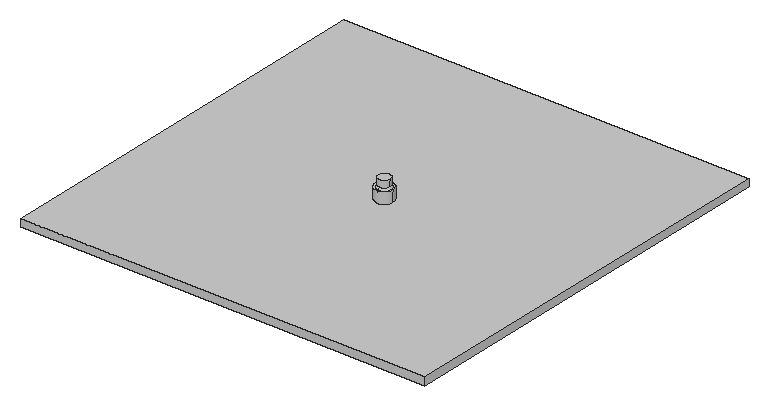
Revit family "SG0086523061CW", category Aparatos sanitarios, Revit 2019 (continued)
Forms (mm)
  Extrusion 281, solid, material "Bronce" <- "Bronce"
    sketch origin (350, -100, 2438.4) x (1, 0, 0) y (0, 1, 0)
      loop
        circle (-375, 375) r 0.896
    from -53.558 to -53.305
  Extrusion 282, solid, material "Bronce" <- "Bronce"
    sketch origin (336.097, -86.426, 2438.4) x (1, 0, 0) y (0, 1, 0)
      loop
        circle (-336.097, 361.426) r 1
    from -53.305 to -53
  Extrusion 283, solid, material "Bronce" <- "Bronce"
    sketch origin (375, -100, 2438.4) x (1, 0, 0) y (0, 1, 0)
      loop
        circle (-375, 375) r 0.896
    from -53.558 to -53.305
  Extrusion 284, solid, material "Bronce" <- "Bronce"
    sketch origin (361.097, -86.426, 2438.4) x (1, 0, 0) y (0, 1, 0)
      loop
        circle (-336.097, 361.426) r 1
    from -53.305 to -53
  Extrusion 285, solid, material "Bronce" <- "Bronce"
    sketch origin (400, -100, 2438.4) x (1, 0, 0) y (0, 1, 0)
      loop
        circle (-375, 375) r 0.896
    from -53.558 to -53.305
  Extrusion 286, solid, material "Bronce" <- "Bronce"
    sketch origin (386.097, -86.426, 2438.4) x (1, 0, 0) y (0, 1, 0)
      loop
        circle (-336.097, 361.426) r 1
    from -53.305 to -53
  Extrusion 287, solid, material "Bronce" <- "Bronce"
    sketch origin (425, -100, 2438.4) x (1, 0, 0) y (0, 1, 0)
      loop
        circle (-375, 375) r 0.896
    from -53.558 to -53.305
  Extrusion 288, solid, material "Bronce" <- "Bronce"
    sketch origin (411.097, -86.426, 2438.4) x (1, 0, 0) y (0, 1, 0)
      loop
        circle (-336.097, 361.426) r 1
    from -53.305 to -53
  Extrusion 289, solid, material "Bronce" <- "Bronce"
    sketch origin (450, -100, 2438.4) x (1, 0, 0) y (0, 1, 0)
      loop
        circle (-375, 375) r 0.896
    from -53.558 to -53.305
  Extrusion 290, solid, material "Bronce" <- "Bronce"
    sketch origin (436.097, -86.426, 2438.4) x (1, 0, 0) y (0, 1, 0)
      loop
        circle (-336.097, 361.426) r 1
    from -53.305 to -53
  Extrusion 291, solid, material "Bronce" <- "Bronce"
    sketch origin (475, -100, 2438.4) x (1, 0, 0) y (0, 1, 0)
      loop
        circle (-375, 375) r 0.896
    from -53.558 to -53.305
  Extrusion 292, solid, material "Bronce" <- "Bronce"
    sketch origin (461.097, -86.426, 2438.4) x (1, 0, 0) y (0, 1, 0)
      loop
        circle (-336.097, 361.426) r 1
    from -53.305 to -53
  Extrusion 293, solid, material "Bronce" <- "Bronce"
    sketch origin (500, -100, 2438.4) x (1, 0, 0) y (0, 1, 0)
      loop
        circle (-375, 375) r 0.896
    from -53.558 to -53.305
  Extrusion 294, solid, material "Bronce" <- "Bronce"
    sketch origin (486.097, -86.426, 2438.4) x (1, 0, 0) y (0, 1, 0)
      loop
        circle (-336.097, 361.426) r 1
    from -53.305 to -53
  Extrusion 295, solid, material "Bronce" <- "Bronce"
    sketch origin (525, -100, 2438.4) x (1, 0, 0) y (0, 1, 0)
      loop
        circle (-375, 375) r 0.896
    from -53.558 to -53.305
  Extrusion 296, solid, material "Bronce" <- "Bronce"
    sketch origin (511.097, -86.426, 2438.4) x (1, 0, 0) y (0, 1, 0)
      loop
        circle (-336.097, 361.426) r 1
    from -53.305 to -53
  Extrusion 297, solid, material "Bronce" <- "Bronce"
    sketch origin (550, -100, 2438.4) x (1, 0, 0) y (0, 1, 0)
      loop
        circle (-375, 375) r 0.896
    from -53.558 to -53.305
  Extrusion 298, solid, material "Bronce" <- "Bronce"
    sketch origin (536.097, -86.426, 2438.4) x (1, 0, 0) y (0, 1, 0)
      loop
        circle (-336.097, 361.426) r 1
    from -53.305 to -53
  Extrusion 299, solid, material "Bronce" <- "Bronce"
    sketch origin (575, -100, 2438.4) x (1, 0, 0) y (0, 1, 0)
      loop
        circle (-375, 375) r 0.896
    from -53.558 to -53.305
  Extrusion 300, solid, material "Bronce" <- "Bronce"
    sketch origin (561.097, -86.426, 2438.4) x (1, 0, 0) y (0, 1, 0)
      loop
        circle (-336.097, 361.426) r 1
    from -53.305 to -53
  Extrusion 301, solid, material "Bronce" <- "Bronce"
    sketch origin (600, -100, 2438.4) x (1, 0, 0) y (0, 1, 0)
      loop
        circle (-375, 375) r 0.896
    from -53.558 to -53.305
  Extrusion 302, solid, material "Bronce" <- "Bronce"
    sketch origin (586.097, -86.426, 2438.4) x (1, 0, 0) y (0, 1, 0)
      loop
        circle (-336.097, 361.426) r 1
    from -53.305 to -53
  Extrusion 303, solid, material "Bronce" <- "Bronce"
    sketch origin (625, -100, 2438.4) x (1, 0, 0) y (0, 1, 0)
      loop
        circle (-375, 375) r 0.896
    from -53.558 to -53.305
  Extrusion 304, solid, material "Bronce" <- "Bronce"
    sketch origin (611.097, -86.426, 2438.4) x (1, 0, 0) y (0, 1, 0)
      loop
        circle (-336.097, 361.426) r 1
    from -53.305 to -53
  Extrusion 305, solid, material "Bronce" <- "Bronce"
    sketch origin (650, -100, 2438.4) x (1, 0, 0) y (0, 1, 0)
      loop
        circle (-375, 375) r 0.896
    from -53.558 to -53.305
  Extrusion 306, solid, material "Bronce" <- "Bronce"
    sketch origin (636.097, -86.426, 2438.4) x (1, 0, 0) y (0, 1, 0)
      loop
        circle (-336.097, 361.426) r 1
    from -53.305 to -53
  Extrusion 307, solid, material "Bronce" <- "Bronce"
    sketch origin (675, -100, 2438.4) x (1, 0, 0) y (0, 1, 0)
      loop
        circle (-375, 375) r 0.896
    from -53.558 to -53.305
  Extrusion 308, solid, material "Bronce" <- "Bronce"
    sketch origin (661.097, -86.426, 2438.4) x (1, 0, 0) y (0, 1, 0)
      loop
        circle (-336.097, 361.426) r 1
    from -53.305 to -53
  Extrusion 309, solid, material "Bronce" <- "Bronce"
    sketch origin (700, -100, 2438.4) x (1, 0, 0) y (0, 1, 0)
      loop
        circle (-375, 375) r 0.896
    from -53.558 to -53.305
  Extrusion 310, solid, material "Bronce" <- "Bronce"
    sketch origin (686.097, -86.426, 2438.4) x (1, 0, 0) y (0, 1, 0)
      loop
        circle (-336.097, 361.426) r 1
    from -53.305 to -53
  Extrusion 311, solid, material "Bronce" <- "Bronce"
    sketch origin (725, -100, 2438.4) x (1, 0, 0) y (0, 1, 0)
      loop
        circle (-375, 375) r 0.896
    from -53.558 to -53.305
  Extrusion 312, solid, material "Bronce" <- "Bronce"
    sketch origin (711.097, -86.426, 2438.4) x (1, 0, 0) y (0, 1, 0)
      loop
        circle (-336.097, 361.426) r 1
    from -53.305 to -53
  Extrusion 313, solid, material "Bronce" <- "Bronce"
    sketch origin (750, -100, 2438.4) x (1, 0, 0) y (0, 1, 0)
      loop
        circle (-375, 375) r 0.896
    from -53.558 to -53.305
  Extrusion 314, solid, material "Bronce" <- "Bronce"
    sketch origin (-38.903, -111.426, 2438.4) x (1, 0, 0) y (0, 1, 0)
      loop
        circle (-336.097, 361.426) r 1
    from -53.305 to -53
  Extrusion 315, solid, material "Bronce" <- "Bronce"
    sketch origin (0, -125, 2438.4) x (1, 0, 0) y (0, 1, 0)
      loop
        circle (-375, 375) r 0.896
    from -53.558 to -53.305
  Extrusion 316, solid, material "Bronce" <- "Bronce"
    sketch origin (-13.903, -111.426, 2438.4) x (1, 0, 0) y (0, 1, 0)
      loop
        circle (-336.097, 361.426) r 1
    from -53.305 to -53
  Extrusion 317, solid, material "Bronce" <- "Bronce"
    sketch origin (25, -125, 2438.4) x (1, 0, 0) y (0, 1, 0)
      loop
        circle (-375, 375) r 0.896
    from -53.558 to -53.305
  Extrusion 318, solid, material "Bronce" <- "Bronce"
    sketch origin (11.097, -111.426, 2438.4) x (1, 0, 0) y (0, 1, 0)
      loop
        circle (-336.097, 361.426) r 1
    from -53.305 to -53
  Extrusion 319, solid, material "Bronce" <- "Bronce"
    sketch origin (50, -125, 2438.4) x (1, 0, 0) y (0, 1, 0)
      loop
        circle (-375, 375) r 0.896
    from -53.558 to -53.305
  Extrusion 320, solid, material "Bronce" <- "Bronce"
    sketch origin (36.097, -111.426, 2438.4) x (1, 0, 0) y (0, 1, 0)
      loop
        circle (-336.097, 361.426) r 1
    from -53.305 to -53
  Extrusion 321, solid, material "Bronce" <- "Bronce"
    sketch origin (75, -125, 2438.4) x (1, 0, 0) y (0, 1, 0)
      loop
        circle (-375, 375) r 0.896
    from -53.558 to -53.305
  Extrusion 322, solid, material "Bronce" <- "Bronce"
    sketch origin (61.097, -111.426, 2438.4) x (1, 0, 0) y (0, 1, 0)
      loop
        circle (-336.097, 361.426) r 1
    from -53.305 to -53
  Extrusion 323, solid, material "Bronce" <- "Bronce"
    sketch origin (100, -125, 2438.4) x (1, 0, 0) y (0, 1, 0)
      loop
        circle (-375, 375) r 0.896
    from -53.558 to -53.305
  Extrusion 324, solid, material "Bronce" <- "Bronce"
    sketch origin (86.097, -111.426, 2438.4) x (1, 0, 0) y (0, 1, 0)
      loop
        circle (-336.097, 361.426) r 1
    from -53.305 to -53
  Extrusion 325, solid, material "Bronce" <- "Bronce"
    sketch origin (125, -125, 2438.4) x (1, 0, 0) y (0, 1, 0)
      loop
        circle (-375, 375) r 0.896
    from -53.558 to -53.305
  Extrusion 326, solid, material "Bronce" <- "Bronce"
    sketch origin (111.097, -111.426, 2438.4) x (1, 0, 0) y (0, 1, 0)
      loop
        circle (-336.097, 361.426) r 1
    from -53.305 to -53
  Extrusion 327, solid, material "Bronce" <- "Bronce"
    sketch origin (150, -125, 2438.4) x (1, 0, 0) y (0, 1, 0)
      loop
        circle (-375, 375) r 0.896
    from -53.558 to -53.305
  Extrusion 328, solid, material "Bronce" <- "Bronce"
    sketch origin (136.097, -111.426, 2438.4) x (1, 0, 0) y (0, 1, 0)
      loop
        circle (-336.097, 361.426) r 1
    from -53.305 to -53
  Extrusion 329, solid, material "Bronce" <- "Bronce"
    sketch origin (175, -125, 2438.4) x (1, 0, 0) y (0, 1, 0)
      loop
        circle (-375, 375) r 0.896
    from -53.558 to -53.305
  Extrusion 330, solid, material "Bronce" <- "Bronce"
    sketch origin (161.097, -111.426, 2438.4) x (1, 0, 0) y (0, 1, 0)
      loop
        circle (-336.097, 361.426) r 1
    from -53.305 to -53
  Extrusion 331, solid, material "Bronce" <- "Bronce"
    sketch origin (200, -125, 2438.4) x (1, 0, 0) y (0, 1, 0)
      loop
        circle (-375, 375) r 0.896
    from -53.558 to -53.305
  Extrusion 332, solid, material "Bronce" <- "Bronce"
    sketch origin (186.097, -111.426, 2438.4) x (1, 0, 0) y (0, 1, 0)
      loop
        circle (-336.097, 361.426) r 1
    from -53.305 to -53
  Extrusion 333, solid, material "Bronce" <- "Bronce"
    sketch origin (225, -125, 2438.4) x (1, 0, 0) y (0, 1, 0)
      loop
        circle (-375, 375) r 0.896
    from -53.558 to -53.305
  Extrusion 334, solid, material "Bronce" <- "Bronce"
    sketch origin (211.097, -111.426, 2438.4) x (1, 0, 0) y (0, 1, 0)
      loop
        circle (-336.097, 361.426) r 1
    from -53.305 to -53
  Extrusion 335, solid, material "Bronce" <- "Bronce"
    sketch origin (250, -125, 2438.4) x (1, 0, 0) y (0, 1, 0)
      loop
        circle (-375, 375) r 0.896
    from -53.558 to -53.305
  Extrusion 336, solid, material "Bronce" <- "Bronce"
    sketch origin (236.097, -111.426, 2438.4) x (1, 0, 0) y (0, 1, 0)
      loop
        circle (-336.097, 361.426) r 1
    from -53.305 to -53
  Extrusion 337, solid, material "Bronce" <- "Bronce"
    sketch origin (275, -125, 2438.4) x (1, 0, 0) y (0, 1, 0)
      loop
        circle (-375, 375) r 0.896
    from -53.558 to -53.305
  Extrusion 338, solid, material "Bronce" <- "Bronce"
    sketch origin (261.097, -111.426, 2438.4) x (1, 0, 0) y (0, 1, 0)
      loop
        circle (-336.097, 361.426) r 1
    from -53.305 to -53
  Extrusion 339, solid, material "Bronce" <- "Bronce"
    sketch origin (300, -125, 2438.4) x (1, 0, 0) y (0, 1, 0)
      loop
        circle (-375, 375) r 0.896
    from -53.558 to -53.305
  Extrusion 340, solid, material "Bronce" <- "Bronce"
    sketch origin (286.097, -111.426, 2438.4) x (1, 0, 0) y (0, 1, 0)
      loop
        circle (-336.097, 361.426) r 1
    from -53.305 to -53
  Extrusion 341, solid, material "Bronce" <- "Bronce"
    sketch origin (325, -125, 2438.4) x (1, 0, 0) y (0, 1, 0)
      loop
        circle (-375, 375) r 0.896
    from -53.558 to -53.305
  Extrusion 342, solid, material "Bronce" <- "Bronce"
    sketch origin (311.097, -111.426, 2438.4) x (1, 0, 0) y (0, 1, 0)
      loop
        circle (-336.097, 361.426) r 1
    from -53.305 to -53
  Extrusion 343, solid, material "Bronce" <- "Bronce"
    sketch origin (350, -125, 2438.4) x (1, 0, 0) y (0, 1, 0)
      loop
        circle (-375, 375) r 0.896
    from -53.558 to -53.305
  Extrusion 344, solid, material "Bronce" <- "Bronce"
    sketch origin (336.097, -111.426, 2438.4) x (1, 0, 0) y (0, 1, 0)
      loop
        circle (-336.097, 361.426) r 1
    from -53.305 to -53
  Extrusion 345, solid, material "Bronce" <- "Bronce"
    sketch origin (375, -125, 2438.4) x (1, 0, 0) y (0, 1, 0)
      loop
        circle (-375, 375) r 0.896
    from -53.558 to -53.305
  Extrusion 346, solid, material "Bronce" <- "Bronce"
    sketch origin (361.097, -111.426, 2438.4) x (1, 0, 0) y (0, 1, 0)
      loop
        circle (-336.097, 361.426) r 1
    from -53.305 to -53
  Extrusion 347, solid, material "Bronce" <- "Bronce"
    sketch origin (400, -125, 2438.4) x (1, 0, 0) y (0, 1, 0)
      loop
        circle (-375, 375) r 0.896
    from -53.558 to -53.305
  Extrusion 348, solid, material "Bronce" <- "Bronce"
    sketch origin (386.097, -111.426, 2438.4) x (1, 0, 0) y (0, 1, 0)
      loop
        circle (-336.097, 361.426) r 1
    from -53.305 to -53
  Extrusion 349, solid, material "Bronce" <- "Bronce"
    sketch origin (425, -125, 2438.4) x (1, 0, 0) y (0, 1, 0)
      loop
        circle (-375, 375) r 0.896
    from -53.558 to -53.305
  Extrusion 350, solid, material "Bronce" <- "Bronce"
    sketch origin (411.097, -111.426, 2438.4) x (1, 0, 0) y (0, 1, 0)
      loop
        circle (-336.097, 361.426) r 1
    from -53.305 to -53
  Extrusion 351, solid, material "Bronce" <- "Bronce"
    sketch origin (450, -125, 2438.4) x (1, 0, 0) y (0, 1, 0)
      loop
        circle (-375, 375) r 0.896
    from -53.558 to -53.305
  Extrusion 352, solid, material "Bronce" <- "Bronce"
    sketch origin (436.097, -111.426, 2438.4) x (1, 0, 0) y (0, 1, 0)
      loop
        circle (-336.097, 361.426) r 1
    from -53.305 to -53
  Extrusion 353, solid, material "Bronce" <- "Bronce"
    sketch origin (475, -125, 2438.4) x (1, 0, 0) y (0, 1, 0)
      loop
        circle (-375, 375) r 0.896
    from -53.558 to -53.305
  Extrusion 354, solid, material "Bronce" <- "Bronce"
    sketch origin (461.097, -111.426, 2438.4) x (1, 0, 0) y (0, 1, 0)
      loop
        circle (-336.097, 361.426) r 1
    from -53.305 to -53
  Extrusion 355, solid, material "Bronce" <- "Bronce"
    sketch origin (500, -125, 2438.4) x (1, 0, 0) y (0, 1, 0)
      loop
        circle (-375, 375) r 0.896
    from -53.558 to -53.305
  Extrusion 356, solid, material "Bronce" <- "Bronce"
    sketch origin (486.097, -111.426, 2438.4) x (1, 0, 0) y (0, 1, 0)
      loop
        circle (-336.097, 361.426) r 1
    from -53.305 to -53
  Extrusion 357, solid, material "Bronce" <- "Bronce"
    sketch origin (525, -125, 2438.4) x (1, 0, 0) y (0, 1, 0)
      loop
        circle (-375, 375) r 0.896
    from -53.558 to -53.305
  Extrusion 358, solid, material "Bronce" <- "Bronce"
    sketch origin (511.097, -111.426, 2438.4) x (1, 0, 0) y (0, 1, 0)
      loop
        circle (-336.097, 361.426) r 1
    from -53.305 to -53
  Extrusion 359, solid, material "Bronce" <- "Bronce"
    sketch origin (550, -125, 2438.4) x (1, 0, 0) y (0, 1, 0)
      loop
        circle (-375, 375) r 0.896
    from -53.558 to -53.305
  Extrusion 360, solid, material "Bronce" <- "Bronce"
    sketch origin (536.097, -111.426, 2438.4) x (1, 0, 0) y (0, 1, 0)
      loop
        circle (-336.097, 361.426) r 1
    from -53.305 to -53
  Extrusion 361, solid, material "Bronce" <- "Bronce"
    sketch origin (575, -125, 2438.4) x (1, 0, 0) y (0, 1, 0)
      loop
        circle (-375, 375) r 0.896
    from -53.558 to -53.305
  Extrusion 362, solid, material "Bronce" <- "Bronce"
    sketch origin (561.097, -111.426, 2438.4) x (1, 0, 0) y (0, 1, 0)
      loop
        circle (-336.097, 361.426) r 1
    from -53.305 to -53
  Extrusion 363, solid, material "Bronce" <- "Bronce"
    sketch origin (600, -125, 2438.4) x (1, 0, 0) y (0, 1, 0)
      loop
        circle (-375, 375) r 0.896
    from -53.558 to -53.305
  Extrusion 364, solid, material "Bronce" <- "Bronce"
    sketch origin (586.097, -111.426, 2438.4) x (1, 0, 0) y (0, 1, 0)
      loop
        circle (-336.097, 361.426) r 1
    from -53.305 to -53
  Extrusion 365, solid, material "Bronce" <- "Bronce"
    sketch origin (625, -125, 2438.4) x (1, 0, 0) y (0, 1, 0)
      loop
        circle (-375, 375) r 0.896
    from -53.558 to -53.305
  Extrusion 366, solid, material "Bronce" <- "Bronce"
    sketch origin (611.097, -111.426, 2438.4) x (1, 0, 0) y (0, 1, 0)
      loop
        circle (-336.097, 361.426) r 1
    from -53.305 to -53
  Extrusion 367, solid, material "Bronce" <- "Bronce"
    sketch origin (650, -125, 2438.4) x (1, 0, 0) y (0, 1, 0)
      loop
        circle (-375, 375) r 0.896
    from -53.558 to -53.305
  Extrusion 368, solid, material "Bronce" <- "Bronce"
    sketch origin (636.097, -111.426, 2438.4) x (1, 0, 0) y (0, 1, 0)
      loop
        circle (-336.097, 361.426) r 1
    from -53.305 to -53
  Extrusion 369, solid, material "Bronce" <- "Bronce"
    sketch origin (675, -125, 2438.4) x (1, 0, 0) y (0, 1, 0)
      loop
        circle (-375, 375) r 0.896
    from -53.558 to -53.305
  Extrusion 370, solid, material "Bronce" <- "Bronce"
    sketch origin (661.097, -111.426, 2438.4) x (1, 0, 0) y (0, 1, 0)
      loop
        circle (-336.097, 361.426) r 1
    from -53.305 to -53
  Extrusion 371, solid, material "Bronce" <- "Bronce"
    sketch origin (700, -125, 2438.4) x (1, 0, 0) y (0, 1, 0)
      loop
        circle (-375, 375) r 0.896
    from -53.558 to -53.305
  Extrusion 372, solid, material "Bronce" <- "Bronce"
    sketch origin (686.097, -111.426, 2438.4) x (1, 0, 0) y (0, 1, 0)
      loop
        circle (-336.097, 361.426) r 1
    from -53.305 to -53
  Extrusion 373, solid, material "Bronce" <- "Bronce"
    sketch origin (725, -125, 2438.4) x (1, 0, 0) y (0, 1, 0)
      loop
        circle (-375, 375) r 0.896
    from -53.558 to -53.305
  Extrusion 374, solid, material "Bronce" <- "Bronce"
    sketch origin (711.097, -111.426, 2438.4) x (1, 0, 0) y (0, 1, 0)
      loop
        circle (-336.097, 361.426) r 1
    from -53.305 to -53
  Extrusion 375, solid, material "Bronce" <- "Bronce"
    sketch origin (750, -125, 2438.4) x (1, 0, 0) y (0, 1, 0)
      loop
        circle (-375, 375) r 0.896
    from -53.558 to -53.305
  Extrusion 376, solid, material "Bronce" <- "Bronce"
    sketch origin (-38.903, -136.426, 2438.4) x (1, 0, 0) y (0, 1, 0)
      loop
        circle (-336.097, 361.426) r 1
    from -53.305 to -53
  Extrusion 377, solid, material "Bronce" <- "Bronce"
    sketch origin (0, -150, 2438.4) x (1, 0, 0) y (0, 1, 0)
      loop
        circle (-375, 375) r 0.896
    from -53.558 to -53.305
  Extrusion 378, solid, material "Bronce" <- "Bronce"
    sketch origin (-13.903, -136.426, 2438.4) x (1, 0, 0) y (0, 1, 0)
      loop
        circle (-336.097, 361.426) r 1
    from -53.305 to -53
  Extrusion 379, solid, material "Bronce" <- "Bronce"
    sketch origin (25, -150, 2438.4) x (1, 0, 0) y (0, 1, 0)
      loop
        circle (-375, 375) r 0.896
    from -53.558 to -53.305
  Extrusion 380, solid, material "Bronce" <- "Bronce"
    sketch origin (11.097, -136.426, 2438.4) x (1, 0, 0) y (0, 1, 0)
      loop
        circle (-336.097, 361.426) r 1
    from -53.305 to -53
  Extrusion 381, solid, material "Bronce" <- "Bronce"
    sketch origin (50, -150, 2438.4) x (1, 0, 0) y (0, 1, 0)
      loop
        circle (-375, 375) r 0.896
    from -53.558 to -53.305
  Extrusion 382, solid, material "Bronce" <- "Bronce"
    sketch origin (36.097, -136.426, 2438.4) x (1, 0, 0) y (0, 1, 0)
      loop
        circle (-336.097, 361.426) r 1
    from -53.305 to -53
  Extrusion 383, solid, material "Bronce" <- "Bronce"
    sketch origin (75, -150, 2438.4) x (1, 0, 0) y (0, 1, 0)
      loop
        circle (-375, 375) r 0.896
    from -53.558 to -53.305
  Extrusion 384, solid, material "Bronce" <- "Bronce"
    sketch origin (61.097, -136.426, 2438.4) x (1, 0, 0) y (0, 1, 0)
      loop
        circle (-336.097, 361.426) r 1
    from -53.305 to -53
  Extrusion 385, solid, material "Bronce" <- "Bronce"
    sketch origin (100, -150, 2438.4) x (1, 0, 0) y (0, 1, 0)
      loop
        circle (-375, 375) r 0.896
    from -53.558 to -53.305
  Extrusion 386, solid, material "Bronce" <- "Bronce"
    sketch origin (86.097, -136.426, 2438.4) x (1, 0, 0) y (0, 1, 0)
      loop
        circle (-336.097, 361.426) r 1
    from -53.305 to -53
  Extrusion 387, solid, material "Bronce" <- "Bronce"
    sketch origin (125, -150, 2438.4) x (1, 0, 0) y (0, 1, 0)
      loop
        circle (-375, 375) r 0.896
    from -53.558 to -53.305
  Extrusion 388, solid, material "Bronce" <- "Bronce"
    sketch origin (111.097, -136.426, 2438.4) x (1, 0, 0) y (0, 1, 0)
      loop
        circle (-336.097, 361.426) r 1
    from -53.305 to -53
  Extrusion 389, solid, material "Bronce" <- "Bronce"
    sketch origin (150, -150, 2438.4) x (1, 0, 0) y (0, 1, 0)
      loop
        circle (-375, 375) r 0.896
    from -53.558 to -53.305
  Extrusion 390, solid, material "Bronce" <- "Bronce"
    sketch origin (136.097, -136.426, 2438.4) x (1, 0, 0) y (0, 1, 0)
      loop
        circle (-336.097, 361.426) r 1
    from -53.305 to -53
  Extrusion 391, solid, material "Bronce" <- "Bronce"
    sketch origin (175, -150, 2438.4) x (1, 0, 0) y (0, 1, 0)
      loop
        circle (-375, 375) r 0.896
    from -53.558 to -53.305
  Extrusion 392, solid, material "Bronce" <- "Bronce"
    sketch origin (161.097, -136.426, 2438.4) x (1, 0, 0) y (0, 1, 0)
      loop
        circle (-336.097, 361.426) r 1
    from -53.305 to -53
  Extrusion 393, solid, material "Bronce" <- "Bronce"
    sketch origin (200, -150, 2438.4) x (1, 0, 0) y (0, 1, 0)
      loop
        circle (-375, 375) r 0.896
    from -53.558 to -53.305
  Extrusion 394, solid, material "Bronce" <- "Bronce"
    sketch origin (186.097, -136.426, 2438.4) x (1, 0, 0) y (0, 1, 0)
      loop
        circle (-336.097, 361.426) r 1
    from -53.305 to -53
  Extrusion 395, solid, material "Bronce" <- "Bronce"
    sketch origin (225, -150, 2438.4) x (1, 0, 0) y (0, 1, 0)
      loop
        circle (-375, 375) r 0.896
    from -53.558 to -53.305
  Extrusion 396, solid, material "Bronce" <- "Bronce"
    sketch origin (211.097, -136.426, 2438.4) x (1, 0, 0) y (0, 1, 0)
      loop
        circle (-336.097, 361.426) r 1
    from -53.305 to -53
  Extrusion 397, solid, material "Bronce" <- "Bronce"
    sketch origin (250, -150, 2438.4) x (1, 0, 0) y (0, 1, 0)
      loop
        circle (-375, 375) r 0.896
    from -53.558 to -53.305
  Extrusion 398, solid, material "Bronce" <- "Bronce"
    sketch origin (236.097, -136.426, 2438.4) x (1, 0, 0) y (0, 1, 0)
      loop
        circle (-336.097, 361.426) r 1
    from -53.305 to -53
  Extrusion 399, solid, material "Bronce" <- "Bronce"
    sketch origin (275, -150, 2438.4) x (1, 0, 0) y (0, 1, 0)
      loop
        circle (-375, 375) r 0.896
    from -53.558 to -53.305
  Extrusion 400, solid, material "Bronce" <- "Bronce"
    sketch origin (261.097, -136.426, 2438.4) x (1, 0, 0) y (0, 1, 0)
      loop
        circle (-336.097, 361.426) r 1
    from -53.305 to -53
  Extrusion 401, solid, material "Bronce" <- "Bronce"
    sketch origin (300, -150, 2438.4) x (1, 0, 0) y (0, 1, 0)
      loop
        circle (-375, 375) r 0.896
    from -53.558 to -53.305
  Extrusion 402, solid, material "Bronce" <- "Bronce"
    sketch origin (286.097, -136.426, 2438.4) x (1, 0, 0) y (0, 1, 0)
      loop
        circle (-336.097, 361.426) r 1
    from -53.305 to -53
  Extrusion 403, solid, material "Bronce" <- "Bronce"
    sketch origin (325, -150, 2438.4) x (1, 0, 0) y (0, 1, 0)
      loop
        circle (-375, 375) r 0.896
    from -53.558 to -53.305
  Extrusion 404, solid, material "Bronce" <- "Bronce"
    sketch origin (311.097, -136.426, 2438.4) x (1, 0, 0) y (0, 1, 0)
      loop
        circle (-336.097, 361.426) r 1
    from -53.305 to -53
  Extrusion 405, solid, material "Bronce" <- "Bronce"
    sketch origin (350, -150, 2438.4) x (1, 0, 0) y (0, 1, 0)
      loop
        circle (-375, 375) r 0.896
    from -53.558 to -53.305
  Extrusion 406, solid, material "Bronce" <- "Bronce"
    sketch origin (336.097, -136.426, 2438.4) x (1, 0, 0) y (0, 1, 0)
      loop
        circle (-336.097, 361.426) r 1
    from -53.305 to -53
  Extrusion 407, solid, material "Bronce" <- "Bronce"
    sketch origin (375, -150, 2438.4) x (1, 0, 0) y (0, 1, 0)
      loop
        circle (-375, 375) r 0.896
    from -53.558 to -53.305
  Extrusion 408, solid, material "Bronce" <- "Bronce"
    sketch origin (361.097, -136.426, 2438.4) x (1, 0, 0) y (0, 1, 0)
      loop
        circle (-336.097, 361.426) r 1
    from -53.305 to -53
  Extrusion 409, solid, material "Bronce" <- "Bronce"
    sketch origin (400, -150, 2438.4) x (1, 0, 0) y (0, 1, 0)
      loop
        circle (-375, 375) r 0.896
    from -53.558 to -53.305
  Extrusion 410, solid, material "Bronce" <- "Bronce"
    sketch origin (386.097, -136.426, 2438.4) x (1, 0, 0) y (0, 1, 0)
      loop
        circle (-336.097, 361.426) r 1
    from -53.305 to -53
  Extrusion 411, solid, material "Bronce" <- "Bronce"
    sketch origin (425, -150, 2438.4) x (1, 0, 0) y (0, 1, 0)
      loop
        circle (-375, 375) r 0.896
    from -53.558 to -53.305
  Extrusion 412, solid, material "Bronce" <- "Bronce"
    sketch origin (411.097, -136.426, 2438.4) x (1, 0, 0) y (0, 1, 0)
      loop
        circle (-336.097, 361.426) r 1
    from -53.305 to -53
  Extrusion 413, solid, material "Bronce" <- "Bronce"
    sketch origin (450, -150, 2438.4) x (1, 0, 0) y (0, 1, 0)
      loop
        circle (-375, 375) r 0.896
    from -53.558 to -53.305
  Extrusion 414, solid, material "Bronce" <- "Bronce"
    sketch origin (436.097, -136.426, 2438.4) x (1, 0, 0) y (0, 1, 0)
      loop
        circle (-336.097, 361.426) r 1
    from -53.305 to -53
  Extrusion 415, solid, material "Bronce" <- "Bronce"
    sketch origin (475, -150, 2438.4) x (1, 0, 0) y (0, 1, 0)
      loop
        circle (-375, 375) r 0.896
    from -53.558 to -53.305
  Extrusion 416, solid, material "Bronce" <- "Bronce"
    sketch origin (461.097, -136.426, 2438.4) x (1, 0, 0) y (0, 1, 0)
      loop
        circle (-336.097, 361.426) r 1
    from -53.305 to -53
  Extrusion 417, solid, material "Bronce" <- "Bronce"
    sketch origin (500, -150, 2438.4) x (1, 0, 0) y (0, 1, 0)
      loop
        circle (-375, 375) r 0.896
    from -53.558 to -53.305
  Extrusion 418, solid, material "Bronce" <- "Bronce"
    sketch origin (486.097, -136.426, 2438.4) x (1, 0, 0) y (0, 1, 0)
      loop
        circle (-336.097, 361.426) r 1
    from -53.305 to -53
  Extrusion 419, solid, material "Bronce" <- "Bronce"
    sketch origin (525, -150, 2438.4) x (1, 0, 0) y (0, 1, 0)
      loop
        circle (-375, 375) r 0.896
    from -53.558 to -53.305
  Extrusion 420, solid, material "Bronce" <- "Bronce"
    sketch origin (511.097, -136.426, 2438.4) x (1, 0, 0) y (0, 1, 0)
      loop
        circle (-336.097, 361.426) r 1
    from -53.305 to -53
  Extrusion 421, solid, material "Bronce" <- "Bronce"
    sketch origin (550, -150, 2438.4) x (1, 0, 0) y (0, 1, 0)
      loop
        circle (-375, 375) r 0.896
    from -53.558 to -53.305
  Extrusion 422, solid, material "Bronce" <- "Bronce"
    sketch origin (536.097, -136.426, 2438.4) x (1, 0, 0) y (0, 1, 0)
      loop
        circle (-336.097, 361.426) r 1
    from -53.305 to -53
  Extrusion 423, solid, material "Bronce" <- "Bronce"
    sketch origin (575, -150, 2438.4) x (1, 0, 0) y (0, 1, 0)
      loop
        circle (-375, 375) r 0.896
    from -53.558 to -53.305
  Extrusion 424, solid, material "Bronce" <- "Bronce"
    sketch origin (561.097, -136.426, 2438.4) x (1, 0, 0) y (0, 1, 0)
      loop
        circle (-336.097, 361.426) r 1
    from -53.305 to -53
  Extrusion 425, solid, material "Bronce" <- "Bronce"
    sketch origin (600, -150, 2438.4) x (1, 0, 0) y (0, 1, 0)
      loop
        circle (-375, 375) r 0.896
    from -53.558 to -53.305
  Extrusion 426, solid, material "Bronce" <- "Bronce"
    sketch origin (586.097, -136.426, 2438.4) x (1, 0, 0) y (0, 1, 0)
      loop
        circle (-336.097, 361.426) r 1
    from -53.305 to -53
  Extrusion 427, solid, material "Bronce" <- "Bronce"
    sketch origin (625, -150, 2438.4) x (1, 0, 0) y (0, 1, 0)
      loop
        circle (-375, 375) r 0.896
    from -53.558 to -53.305
  Extrusion 428, solid, material "Bronce" <- "Bronce"
    sketch origin (611.097, -136.426, 2438.4) x (1, 0, 0) y (0, 1, 0)
      loop
        circle (-336.097, 361.426) r 1
    from -53.305 to -53
  Extrusion 429, solid, material "Bronce" <- "Bronce"
    sketch origin (650, -150, 2438.4) x (1, 0, 0) y (0, 1, 0)
      loop
        circle (-375, 375) r 0.896
    from -53.558 to -53.305
  Extrusion 430, solid, material "Bronce" <- "Bronce"
    sketch origin (636.097, -136.426, 2438.4) x (1, 0, 0) y (0, 1, 0)
      loop
        circle (-336.097, 361.426) r 1
    from -53.305 to -53
  Extrusion 431, solid, material "Bronce" <- "Bronce"
    sketch origin (675, -150, 2438.4) x (1, 0, 0) y (0, 1, 0)
      loop
        circle (-375, 375) r 0.896
    from -53.558 to -53.305
  Extrusion 432, solid, material "Bronce" <- "Bronce"
    sketch origin (661.097, -136.426, 2438.4) x (1, 0, 0) y (0, 1, 0)
      loop
        circle (-336.097, 361.426) r 1
    from -53.305 to -53
  Extrusion 433, solid, material "Bronce" <- "Bronce"
    sketch origin (700, -150, 2438.4) x (1, 0, 0) y (0, 1, 0)
      loop
        circle (-375, 375) r 0.896
    from -53.558 to -53.305
  Extrusion 434, solid, material "Bronce" <- "Bronce"
    sketch origin (686.097, -136.426, 2438.4) x (1, 0, 0) y (0, 1, 0)
      loop
        circle (-336.097, 361.426) r 1
    from -53.305 to -53
  Extrusion 435, solid, material "Bronce" <- "Bronce"
    sketch origin (725, -150, 2438.4) x (1, 0, 0) y (0, 1, 0)
      loop
        circle (-375, 375) r 0.896
    from -53.558 to -53.305
  Extrusion 436, solid, material "Bronce" <- "Bronce"
    sketch origin (711.097, -136.426, 2438.4) x (1, 0, 0) y (0, 1, 0)
      loop
        circle (-336.097, 361.426) r 1
    from -53.305 to -53
  Extrusion 437, solid, material "Bronce" <- "Bronce"
    sketch origin (750, -150, 2438.4) x (1, 0, 0) y (0, 1, 0)
      loop
        circle (-375, 375) r 0.896
    from -53.558 to -53.305
  Extrusion 438, solid, material "Bronce" <- "Bronce"
    sketch origin (-38.903, -161.426, 2438.4) x (1, 0, 0) y (0, 1, 0)
      loop
        circle (-336.097, 361.426) r 1
    from -53.305 to -53
  Extrusion 439, solid, material "Bronce" <- "Bronce"
    sketch origin (0, -175, 2438.4) x (1, 0, 0) y (0, 1, 0)
      loop
        circle (-375, 375) r 0.896
    from -53.558 to -53.305
  Extrusion 440, solid, material "Bronce" <- "Bronce"
    sketch origin (-13.903, -161.426, 2438.4) x (1, 0, 0) y (0, 1, 0)
      loop
        circle (-336.097, 361.426) r 1
    from -53.305 to -53
  Extrusion 441, solid, material "Bronce" <- "Bronce"
    sketch origin (25, -175, 2438.4) x (1, 0, 0) y (0, 1, 0)
      loop
        circle (-375, 375) r 0.896
    from -53.558 to -53.305
  Extrusion 442, solid, material "Bronce" <- "Bronce"
    sketch origin (11.097, -161.426, 2438.4) x (1, 0, 0) y (0, 1, 0)
      loop
        circle (-336.097, 361.426) r 1
    from -53.305 to -53
  Extrusion 443, solid, material "Bronce" <- "Bronce"
    sketch origin (50, -175, 2438.4) x (1, 0, 0) y (0, 1, 0)
      loop
        circle (-375, 375) r 0.896
    from -53.558 to -53.305
  Extrusion 444, solid, material "Bronce" <- "Bronce"
    sketch origin (36.097, -161.426, 2438.4) x (1, 0, 0) y (0, 1, 0)
      loop
        circle (-336.097, 361.426) r 1
    from -53.305 to -53
  Extrusion 445, solid, material "Bronce" <- "Bronce"
    sketch origin (75, -175, 2438.4) x (1, 0, 0) y (0, 1, 0)
      loop
        circle (-375, 375) r 0.896
    from -53.558 to -53.305
  Extrusion 446, solid, material "Bronce" <- "Bronce"
    sketch origin (61.097, -161.426, 2438.4) x (1, 0, 0) y (0, 1, 0)
      loop
        circle (-336.097, 361.426) r 1
    from -53.305 to -53
  Extrusion 447, solid, material "Bronce" <- "Bronce"
    sketch origin (100, -175, 2438.4) x (1, 0, 0) y (0, 1, 0)
      loop
        circle (-375, 375) r 0.896
    from -53.558 to -53.305
  Extrusion 448, solid, material "Bronce" <- "Bronce"
    sketch origin (86.097, -161.426, 2438.4) x (1, 0, 0) y (0, 1, 0)
      loop
        circle (-336.097, 361.426) r 1
    from -53.305 to -53
  Extrusion 449, solid, material "Bronce" <- "Bronce"
    sketch origin (125, -175, 2438.4) x (1, 0, 0) y (0, 1, 0)
      loop
        circle (-375, 375) r 0.896
    from -53.558 to -53.305
  Extrusion 450, solid, material "Bronce" <- "Bronce"
    sketch origin (111.097, -161.426, 2438.4) x (1, 0, 0) y (0, 1, 0)
      loop
        circle (-336.097, 361.426) r 1
    from -53.305 to -53
  Extrusion 451, solid, material "Bronce" <- "Bronce"
    sketch origin (150, -175, 2438.4) x (1, 0, 0) y (0, 1, 0)
      loop
        circle (-375, 375) r 0.896
    from -53.558 to -53.305
  Extrusion 452, solid, material "Bronce" <- "Bronce"
    sketch origin (136.097, -161.426, 2438.4) x (1, 0, 0) y (0, 1, 0)
      loop
        circle (-336.097, 361.426) r 1
    from -53.305 to -53
  Extrusion 453, solid, material "Bronce" <- "Bronce"
    sketch origin (175, -175, 2438.4) x (1, 0, 0) y (0, 1, 0)
      loop
        circle (-375, 375) r 0.896
    from -53.558 to -53.305
  Extrusion 454, solid, material "Bronce" <- "Bronce"
    sketch origin (161.097, -161.426, 2438.4) x (1, 0, 0) y (0, 1, 0)
      loop
        circle (-336.097, 361.426) r 1
    from -53.305 to -53
  Extrusion 455, solid, material "Bronce" <- "Bronce"
    sketch origin (200, -175, 2438.4) x (1, 0, 0) y (0, 1, 0)
      loop
        circle (-375, 375) r 0.896
    from -53.558 to -53.305
  Extrusion 456, solid, material "Bronce" <- "Bronce"
    sketch origin (186.097, -161.426, 2438.4) x (1, 0, 0) y (0, 1, 0)
      loop
        circle (-336.097, 361.426) r 1
    from -53.305 to -53
  Extrusion 457, solid, material "Bronce" <- "Bronce"
    sketch origin (225, -175, 2438.4) x (1, 0, 0) y (0, 1, 0)
      loop
        circle (-375, 375) r 0.896
    from -53.558 to -53.305
  Extrusion 458, solid, material "Bronce" <- "Bronce"
    sketch origin (211.097, -161.426, 2438.4) x (1, 0, 0) y (0, 1, 0)
      loop
        circle (-336.097, 361.426) r 1
    from -53.305 to -53
  Extrusion 459, solid, material "Bronce" <- "Bronce"
    sketch origin (250, -175, 2438.4) x (1, 0, 0) y (0, 1, 0)
      loop
        circle (-375, 375) r 0.896
    from -53.558 to -53.305
  Extrusion 460, solid, material "Bronce" <- "Bronce"
    sketch origin (236.097, -161.426, 2438.4) x (1, 0, 0) y (0, 1, 0)
      loop
        circle (-336.097, 361.426) r 1
    from -53.305 to -53
  Extrusion 461, solid, material "Bronce" <- "Bronce"
    sketch origin (275, -175, 2438.4) x (1, 0, 0) y (0, 1, 0)
      loop
        circle (-375, 375) r 0.896
    from -53.558 to -53.305
  Extrusion 462, solid, material "Bronce" <- "Bronce"
    sketch origin (261.097, -161.426, 2438.4) x (1, 0, 0) y (0, 1, 0)
      loop
        circle (-336.097, 361.426) r 1
    from -53.305 to -53
  Extrusion 463, solid, material "Bronce" <- "Bronce"
    sketch origin (300, -175, 2438.4) x (1, 0, 0) y (0, 1, 0)
      loop
        circle (-375, 375) r 0.896
    from -53.558 to -53.305
  Extrusion 464, solid, material "Bronce" <- "Bronce"
    sketch origin (286.097, -161.426, 2438.4) x (1, 0, 0) y (0, 1, 0)
      loop
        circle (-336.097, 361.426) r 1
    from -53.305 to -53
  Extrusion 465, solid, material "Bronce" <- "Bronce"
    sketch origin (325, -175, 2438.4) x (1, 0, 0) y (0, 1, 0)
      loop
        circle (-375, 375) r 0.896
    from -53.558 to -53.305
  Extrusion 466, solid, material "Bronce" <- "Bronce"
    sketch origin (311.097, -161.426, 2438.4) x (1, 0, 0) y (0, 1, 0)
      loop
        circle (-336.097, 361.426) r 1
    from -53.305 to -53
  Extrusion 467, solid, material "Bronce" <- "Bronce"
    sketch origin (350, -175, 2438.4) x (1, 0, 0) y (0, 1, 0)
      loop
        circle (-375, 375) r 0.896
    from -53.558 to -53.305
  Extrusion 468, solid, material "Bronce" <- "Bronce"
    sketch origin (336.097, -161.426, 2438.4) x (1, 0, 0) y (0, 1, 0)
      loop
        circle (-336.097, 361.426) r 1
    from -53.305 to -53
  Extrusion 469, solid, material "Bronce" <- "Bronce"
    sketch origin (375, -175, 2438.4) x (1, 0, 0) y (0, 1, 0)
      loop
        circle (-375, 375) r 0.896
    from -53.558 to -53.305
  Extrusion 470, solid, material "Bronce" <- "Bronce"
    sketch origin (361.097, -161.426, 2438.4) x (1, 0, 0) y (0, 1, 0)
      loop
        circle (-336.097, 361.426) r 1
    from -53.305 to -53
  Extrusion 471, solid, material "Bronce" <- "Bronce"
    sketch origin (400, -175, 2438.4) x (1, 0, 0) y (0, 1, 0)
      loop
        circle (-375, 375) r 0.896
    from -53.558 to -53.305
  Extrusion 472, solid, material "Bronce" <- "Bronce"
    sketch origin (386.097, -161.426, 2438.4) x (1, 0, 0) y (0, 1, 0)
      loop
        circle (-336.097, 361.426) r 1
    from -53.305 to -53
  Extrusion 473, solid, material "Bronce" <- "Bronce"
    sketch origin (425, -175, 2438.4) x (1, 0, 0) y (0, 1, 0)
      loop
        circle (-375, 375) r 0.896
    from -53.558 to -53.305
  Extrusion 474, solid, material "Bronce" <- "Bronce"
    sketch origin (411.097, -161.426, 2438.4) x (1, 0, 0) y (0, 1, 0)
      loop
        circle (-336.097, 361.426) r 1
    from -53.305 to -53
  Extrusion 475, solid, material "Bronce" <- "Bronce"
    sketch origin (450, -175, 2438.4) x (1, 0, 0) y (0, 1, 0)
      loop
        circle (-375, 375) r 0.896
    from -53.558 to -53.305
  Extrusion 476, solid, material "Bronce" <- "Bronce"
    sketch origin (436.097, -161.426, 2438.4) x (1, 0, 0) y (0, 1, 0)
      loop
        circle (-336.097, 361.426) r 1
    from -53.305 to -53
  Extrusion 477, solid, material "Bronce" <- "Bronce"
    sketch origin (475, -175, 2438.4) x (1, 0, 0) y (0, 1, 0)
      loop
        circle (-375, 375) r 0.896
    from -53.558 to -53.305
  Extrusion 478, solid, material "Bronce" <- "Bronce"
    sketch origin (461.097, -161.426, 2438.4) x (1, 0, 0) y (0, 1, 0)
      loop
        circle (-336.097, 361.426) r 1
    from -53.305 to -53
  Extrusion 479, solid, material "Bronce" <- "Bronce"
    sketch origin (500, -175, 2438.4) x (1, 0, 0) y (0, 1, 0)
      loop
        circle (-375, 375) r 0.896
    from -53.558 to -53.305
  Extrusion 480, solid, material "Bronce" <- "Bronce"
    sketch origin (486.097, -161.426, 2438.4) x (1, 0, 0) y (0, 1, 0)
      loop
        circle (-336.097, 361.426) r 1
    from -53.305 to -53
  Extrusion 481, solid, material "Bronce" <- "Bronce"
    sketch origin (525, -175, 2438.4) x (1, 0, 0) y (0, 1, 0)
      loop
        circle (-375, 375) r 0.896
    from -53.558 to -53.305
  Extrusion 482, solid, material "Bronce" <- "Bronce"
    sketch origin (511.097, -161.426, 2438.4) x (1, 0, 0) y (0, 1, 0)
      loop
        circle (-336.097, 361.426) r 1
    from -53.305 to -53
  Extrusion 483, solid, material "Bronce" <- "Bronce"
    sketch origin (550, -175, 2438.4) x (1, 0, 0) y (0, 1, 0)
      loop
        circle (-375, 375) r 0.896
    from -53.558 to -53.305
  Extrusion 484, solid, material "Bronce" <- "Bronce"
    sketch origin (536.097, -161.426, 2438.4) x (1, 0, 0) y (0, 1, 0)
      loop
        circle (-336.097, 361.426) r 1
    from -53.305 to -53
  Extrusion 485, solid, material "Bronce" <- "Bronce"
    sketch origin (575, -175, 2438.4) x (1, 0, 0) y (0, 1, 0)
      loop
        circle (-375, 375) r 0.896
    from -53.558 to -53.305
  Extrusion 486, solid, material "Bronce" <- "Bronce"
    sketch origin (561.097, -161.426, 2438.4) x (1, 0, 0) y (0, 1, 0)
      loop
        circle (-336.097, 361.426) r 1
    from -53.305 to -53
  Extrusion 487, solid, material "Bronce" <- "Bronce"
    sketch origin (600, -175, 2438.4) x (1, 0, 0) y (0, 1, 0)
      loop
        circle (-375, 375) r 0.896
    from -53.558 to -53.305
  Extrusion 488, solid, material "Bronce" <- "Bronce"
    sketch origin (586.097, -161.426, 2438.4) x (1, 0, 0) y (0, 1, 0)
      loop
        circle (-336.097, 361.426) r 1
    from -53.305 to -53
  Extrusion 489, solid, material "Bronce" <- "Bronce"
    sketch origin (625, -175, 2438.4) x (1, 0, 0) y (0, 1, 0)
      loop
        circle (-375, 375) r 0.896
    from -53.558 to -53.305
  Extrusion 490, solid, material "Bronce" <- "Bronce"
    sketch origin (611.097, -161.426, 2438.4) x (1, 0, 0) y (0, 1, 0)
      loop
        circle (-336.097, 361.426) r 1
    from -53.305 to -53
  Extrusion 491, solid, material "Bronce" <- "Bronce"
    sketch origin (650, -175, 2438.4) x (1, 0, 0) y (0, 1, 0)
      loop
        circle (-375, 375) r 0.896
    from -53.558 to -53.305
  Extrusion 492, solid, material "Bronce" <- "Bronce"
    sketch origin (636.097, -161.426, 2438.4) x (1, 0, 0) y (0, 1, 0)
      loop
        circle (-336.097, 361.426) r 1
    from -53.305 to -53
  Extrusion 493, solid, material "Bronce" <- "Bronce"
    sketch origin (675, -175, 2438.4) x (1, 0, 0) y (0, 1, 0)
      loop
        circle (-375, 375) r 0.896
    from -53.558 to -53.305
  Extrusion 494, solid, material "Bronce" <- "Bronce"
    sketch origin (661.097, -161.426, 2438.4) x (1, 0, 0) y (0, 1, 0)
      loop
        circle (-336.097, 361.426) r 1
    from -53.305 to -53
  Extrusion 495, solid, material "Bronce" <- "Bronce"
    sketch origin (700, -175, 2438.4) x (1, 0, 0) y (0, 1, 0)
      loop
        circle (-375, 375) r 0.896
    from -53.558 to -53.305
  Extrusion 496, solid, material "Bronce" <- "Bronce"
    sketch origin (686.097, -161.426, 2438.4) x (1, 0, 0) y (0, 1, 0)
      loop
        circle (-336.097, 361.426) r 1
    from -53.305 to -53
  Extrusion 497, solid, material "Bronce" <- "Bronce"
    sketch origin (725, -175, 2438.4) x (1, 0, 0) y (0, 1, 0)
      loop
        circle (-375, 375) r 0.896
    from -53.558 to -53.305
  Extrusion 498, solid, material "Bronce" <- "Bronce"
    sketch origin (711.097, -161.426, 2438.4) x (1, 0, 0) y (0, 1, 0)
      loop
        circle (-336.097, 361.426) r 1
    from -53.305 to -53
  Extrusion 499, solid, material "Bronce" <- "Bronce"
    sketch origin (750, -175, 2438.4) x (1, 0, 0) y (0, 1, 0)
      loop
        circle (-375, 375) r 0.896
    from -53.558 to -53.305
  Extrusion 500, solid, material "Bronce" <- "Bronce"
    sketch origin (-38.903, -186.426, 2438.4) x (1, 0, 0) y (0, 1, 0)
      loop
        circle (-336.097, 361.426) r 1
    from -53.305 to -53
  Extrusion 501, solid, material "Bronce" <- "Bronce"
    sketch origin (0, -200, 2438.4) x (1, 0, 0) y (0, 1, 0)
      loop
        circle (-375, 375) r 0.896
    from -53.558 to -53.305
  Extrusion 502, solid, material "Bronce" <- "Bronce"
    sketch origin (-13.903, -186.426, 2438.4) x (1, 0, 0) y (0, 1, 0)
      loop
        circle (-336.097, 361.426) r 1
    from -53.305 to -53
  Extrusion 503, solid, material "Bronce" <- "Bronce"
    sketch origin (25, -200, 2438.4) x (1, 0, 0) y (0, 1, 0)
      loop
        circle (-375, 375) r 0.896
    from -53.558 to -53.305
  Extrusion 504, solid, material "Bronce" <- "Bronce"
    sketch origin (11.097, -186.426, 2438.4) x (1, 0, 0) y (0, 1, 0)
      loop
        circle (-336.097, 361.426) r 1
    from -53.305 to -53
  Extrusion 505, solid, material "Bronce" <- "Bronce"
    sketch origin (50, -200, 2438.4) x (1, 0, 0) y (0, 1, 0)
      loop
        circle (-375, 375) r 0.896
    from -53.558 to -53.305
  Extrusion 506, solid, material "Bronce" <- "Bronce"
    sketch origin (36.097, -186.426, 2438.4) x (1, 0, 0) y (0, 1, 0)
      loop
        circle (-336.097, 361.426) r 1
    from -53.305 to -53
  Extrusion 507, solid, material "Bronce" <- "Bronce"
    sketch origin (75, -200, 2438.4) x (1, 0, 0) y (0, 1, 0)
      loop
        circle (-375, 375) r 0.896
    from -53.558 to -53.305
  Extrusion 508, solid, material "Bronce" <- "Bronce"
    sketch origin (61.097, -186.426, 2438.4) x (1, 0, 0) y (0, 1, 0)
      loop
        circle (-336.097, 361.426) r 1
    from -53.305 to -53
  Extrusion 509, solid, material "Bronce" <- "Bronce"
    sketch origin (100, -200, 2438.4) x (1, 0, 0) y (0, 1, 0)
      loop
        circle (-375, 375) r 0.896
    from -53.558 to -53.305
  Extrusion 510, solid, material "Bronce" <- "Bronce"
    sketch origin (86.097, -186.426, 2438.4) x (1, 0, 0) y (0, 1, 0)
      loop
        circle (-336.097, 361.426) r 1
    from -53.305 to -53
  Extrusion 511, solid, material "Bronce" <- "Bronce"
    sketch origin (125, -200, 2438.4) x (1, 0, 0) y (0, 1, 0)
      loop
        circle (-375, 375) r 0.896
    from -53.558 to -53.305
  Extrusion 512, solid, material "Bronce" <- "Bronce"
    sketch origin (111.097, -186.426, 2438.4) x (1, 0, 0) y (0, 1, 0)
      loop
        circle (-336.097, 361.426) r 1
    from -53.305 to -53
  Extrusion 513, solid, material "Bronce" <- "Bronce"
    sketch origin (150, -200, 2438.4) x (1, 0, 0) y (0, 1, 0)
      loop
        circle (-375, 375) r 0.896
    from -53.558 to -53.305
  Extrusion 514, solid, material "Bronce" <- "Bronce"
    sketch origin (136.097, -186.426, 2438.4) x (1, 0, 0) y (0, 1, 0)
      loop
        circle (-336.097, 361.426) r 1
    from -53.305 to -53
  Extrusion 515, solid, material "Bronce" <- "Bronce"
    sketch origin (175, -200, 2438.4) x (1, 0, 0) y (0, 1, 0)
      loop
        circle (-375, 375) r 0.896
    from -53.558 to -53.305
  Extrusion 516, solid, material "Bronce" <- "Bronce"
    sketch origin (161.097, -186.426, 2438.4) x (1, 0, 0) y (0, 1, 0)
      loop
        circle (-336.097, 361.426) r 1
    from -53.305 to -53
  Extrusion 517, solid, material "Bronce" <- "Bronce"
    sketch origin (200, -200, 2438.4) x (1, 0, 0) y (0, 1, 0)
      loop
        circle (-375, 375) r 0.896
    from -53.558 to -53.305
  Extrusion 518, solid, material "Bronce" <- "Bronce"
    sketch origin (186.097, -186.426, 2438.4) x (1, 0, 0) y (0, 1, 0)
      loop
        circle (-336.097, 361.426) r 1
    from -53.305 to -53
  Extrusion 519, solid, material "Bronce" <- "Bronce"
    sketch origin (225, -200, 2438.4) x (1, 0, 0) y (0, 1, 0)
      loop
        circle (-375, 375) r 0.896
    from -53.558 to -53.305
  Extrusion 520, solid, material "Bronce" <- "Bronce"
    sketch origin (211.097, -186.426, 2438.4) x (1, 0, 0) y (0, 1, 0)
      loop
        circle (-336.097, 361.426) r 1
    from -53.305 to -53
  Extrusion 521, solid, material "Bronce" <- "Bronce"
    sketch origin (250, -200, 2438.4) x (1, 0, 0) y (0, 1, 0)
      loop
        circle (-375, 375) r 0.896
    from -53.558 to -53.305
  Extrusion 522, solid, material "Bronce" <- "Bronce"
    sketch origin (236.097, -186.426, 2438.4) x (1, 0, 0) y (0, 1, 0)
      loop
        circle (-336.097, 361.426) r 1
    from -53.305 to -53
  Extrusion 523, solid, material "Bronce" <- "Bronce"
    sketch origin (275, -200, 2438.4) x (1, 0, 0) y (0, 1, 0)
      loop
        circle (-375, 375) r 0.896
    from -53.558 to -53.305
  Extrusion 524, solid, material "Bronce" <- "Bronce"
    sketch origin (261.097, -186.426, 2438.4) x (1, 0, 0) y (0, 1, 0)
      loop
        circle (-336.097, 361.426) r 1
    from -53.305 to -53
  Extrusion 525, solid, material "Bronce" <- "Bronce"
    sketch origin (300, -200, 2438.4) x (1, 0, 0) y (0, 1, 0)
      loop
        circle (-375, 375) r 0.896
    from -53.558 to -53.305
  Extrusion 526, solid, material "Bronce" <- "Bronce"
    sketch origin (286.097, -186.426, 2438.4) x (1, 0, 0) y (0, 1, 0)
      loop
        circle (-336.097, 361.426) r 1
    from -53.305 to -53
  Extrusion 527, solid, material "Bronce" <- "Bronce"
    sketch origin (325, -200, 2438.4) x (1, 0, 0) y (0, 1, 0)
      loop
        circle (-375, 375) r 0.896
    from -53.558 to -53.305
  Extrusion 528, solid, material "Bronce" <- "Bronce"
    sketch origin (311.097, -186.426, 2438.4) x (1, 0, 0) y (0, 1, 0)
      loop
        circle (-336.097, 361.426) r 1
    from -53.305 to -53
  Extrusion 529, solid, material "Bronce" <- "Bronce"
    sketch origin (350, -200, 2438.4) x (1, 0, 0) y (0, 1, 0)
      loop
        circle (-375, 375) r 0.896
    from -53.558 to -53.305
  Extrusion 530, solid, material "Bronce" <- "Bronce"
    sketch origin (336.097, -186.426, 2438.4) x (1, 0, 0) y (0, 1, 0)
      loop
        circle (-336.097, 361.426) r 1
    from -53.305 to -53
  Extrusion 531, solid, material "Bronce" <- "Bronce"
    sketch origin (375, -200, 2438.4) x (1, 0, 0) y (0, 1, 0)
      loop
        circle (-375, 375) r 0.896
    from -53.558 to -53.305
  Extrusion 532, solid, material "Bronce" <- "Bronce"
    sketch origin (361.097, -186.426, 2438.4) x (1, 0, 0) y (0, 1, 0)
      loop
        circle (-336.097, 361.426) r 1
    from -53.305 to -53
  Extrusion 533, solid, material "Bronce" <- "Bronce"
    sketch origin (400, -200, 2438.4) x (1, 0, 0) y (0, 1, 0)
      loop
        circle (-375, 375) r 0.896
    from -53.558 to -53.305
  Extrusion 534, solid, material "Bronce" <- "Bronce"
    sketch origin (386.097, -186.426, 2438.4) x (1, 0, 0) y (0, 1, 0)
      loop
        circle (-336.097, 361.426) r 1
    from -53.305 to -53
  Extrusion 535, solid, material "Bronce" <- "Bronce"
    sketch origin (425, -200, 2438.4) x (1, 0, 0) y (0, 1, 0)
      loop
        circle (-375, 375) r 0.896
    from -53.558 to -53.305
  Extrusion 536, solid, material "Bronce" <- "Bronce"
    sketch origin (411.097, -186.426, 2438.4) x (1, 0, 0) y (0, 1, 0)
      loop
        circle (-336.097, 361.426) r 1
    from -53.305 to -53
  Extrusion 537, solid, material "Bronce" <- "Bronce"
    sketch origin (450, -200, 2438.4) x (1, 0, 0) y (0, 1, 0)
      loop
        circle (-375, 375) r 0.896
    from -53.558 to -53.305
  Extrusion 538, solid, material "Bronce" <- "Bronce"
    sketch origin (436.097, -186.426, 2438.4) x (1, 0, 0) y (0, 1, 0)
      loop
        circle (-336.097, 361.426) r 1
    from -53.305 to -53
  Extrusion 539, solid, material "Bronce" <- "Bronce"
    sketch origin (475, -200, 2438.4) x (1, 0, 0) y (0, 1, 0)
      loop
        circle (-375, 375) r 0.896
    from -53.558 to -53.305
  Extrusion 540, solid, material "Bronce" <- "Bronce"
    sketch origin (461.097, -186.426, 2438.4) x (1, 0, 0) y (0, 1, 0)
      loop
        circle (-336.097, 361.426) r 1
    from -53.305 to -53
  Extrusion 541, solid, material "Bronce" <- "Bronce"
    sketch origin (500, -200, 2438.4) x (1, 0, 0) y (0, 1, 0)
      loop
        circle (-375, 375) r 0.896
    from -53.558 to -53.305
  Extrusion 542, solid, material "Bronce" <- "Bronce"
    sketch origin (486.097, -186.426, 2438.4) x (1, 0, 0) y (0, 1, 0)
      loop
        circle (-336.097, 361.426) r 1
    from -53.305 to -53
  Extrusion 543, solid, material "Bronce" <- "Bronce"
    sketch origin (525, -200, 2438.4) x (1, 0, 0) y (0, 1, 0)
      loop
        circle (-375, 375) r 0.896
    from -53.558 to -53.305
  Extrusion 544, solid, material "Bronce" <- "Bronce"
    sketch origin (511.097, -186.426, 2438.4) x (1, 0, 0) y (0, 1, 0)
      loop
        circle (-336.097, 361.426) r 1
    from -53.305 to -53
  Extrusion 545, solid, material "Bronce" <- "Bronce"
    sketch origin (550, -200, 2438.4) x (1, 0, 0) y (0, 1, 0)
      loop
        circle (-375, 375) r 0.896
    from -53.558 to -53.305
  Extrusion 546, solid, material "Bronce" <- "Bronce"
    sketch origin (536.097, -186.426, 2438.4) x (1, 0, 0) y (0, 1, 0)
      loop
        circle (-336.097, 361.426) r 1
    from -53.305 to -53
  Extrusion 547, solid, material "Bronce" <- "Bronce"
    sketch origin (575, -200, 2438.4) x (1, 0, 0) y (0, 1, 0)
      loop
        circle (-375, 375) r 0.896
    from -53.558 to -53.305
  Extrusion 548, solid, material "Bronce" <- "Bronce"
    sketch origin (561.097, -186.426, 2438.4) x (1, 0, 0) y (0, 1, 0)
      loop
        circle (-336.097, 361.426) r 1
    from -53.305 to -53
  Extrusion 549, solid, material "Bronce" <- "Bronce"
    sketch origin (600, -200, 2438.4) x (1, 0, 0) y (0, 1, 0)
      loop
        circle (-375, 375) r 0.896
    from -53.558 to -53.305
  Extrusion 550, solid, material "Bronce" <- "Bronce"
    sketch origin (586.097, -186.426, 2438.4) x (1, 0, 0) y (0, 1, 0)
      loop
        circle (-336.097, 361.426) r 1
    from -53.305 to -53
  Extrusion 551, solid, material "Bronce" <- "Bronce"
    sketch origin (625, -200, 2438.4) x (1, 0, 0) y (0, 1, 0)
      loop
        circle (-375, 375) r 0.896
    from -53.558 to -53.305
  Extrusion 552, solid, material "Bronce" <- "Bronce"
    sketch origin (611.097, -186.426, 2438.4) x (1, 0, 0) y (0, 1, 0)
      loop
        circle (-336.097, 361.426) r 1
    from -53.305 to -53
  Extrusion 553, solid, material "Bronce" <- "Bronce"
    sketch origin (650, -200, 2438.4) x (1, 0, 0) y (0, 1, 0)
      loop
        circle (-375, 375) r 0.896
    from -53.558 to -53.305
  Extrusion 554, solid, material "Bronce" <- "Bronce"
    sketch origin (636.097, -186.426, 2438.4) x (1, 0, 0) y (0, 1, 0)
      loop
        circle (-336.097, 361.426) r 1
    from -53.305 to -53
  Extrusion 555, solid, material "Bronce" <- "Bronce"
    sketch origin (675, -200, 2438.4) x (1, 0, 0) y (0, 1, 0)
      loop
        circle (-375, 375) r 0.896
    from -53.558 to -53.305
  Extrusion 556, solid, material "Bronce" <- "Bronce"
    sketch origin (661.097, -186.426, 2438.4) x (1, 0, 0) y (0, 1, 0)
      loop
        circle (-336.097, 361.426) r 1
    from -53.305 to -53
  Extrusion 557, solid, material "Bronce" <- "Bronce"
    sketch origin (700, -200, 2438.4) x (1, 0, 0) y (0, 1, 0)
      loop
        circle (-375, 375) r 0.896
    from -53.558 to -53.305
  Extrusion 558, solid, material "Bronce" <- "Bronce"
    sketch origin (686.097, -186.426, 2438.4) x (1, 0, 0) y (0, 1, 0)
      loop
        circle (-336.097, 361.426) r 1
    from -53.305 to -53
  Extrusion 559, solid, material "Bronce" <- "Bronce"
    sketch origin (725, -200, 2438.4) x (1, 0, 0) y (0, 1, 0)
      loop
        circle (-375, 375) r 0.896
    from -53.558 to -53.305
  Extrusion 560, solid, material "Bronce" <- "Bronce"
    sketch origin (711.097, -186.426, 2438.4) x (1, 0, 0) y (0, 1, 0)
      loop
        circle (-336.097, 361.426) r 1
    from -53.305 to -53
  Extrusion 561, solid, material "Bronce" <- "Bronce"
    sketch origin (750, -200, 2438.4) x (1, 0, 0) y (0, 1, 0)
      loop
        circle (-375, 375) r 0.896
    from -53.558 to -53.305
  Extrusion 562, solid, material "Bronce" <- "Bronce"
    sketch origin (-38.903, -211.426, 2438.4) x (1, 0, 0) y (0, 1, 0)
      loop
        circle (-336.097, 361.426) r 1
    from -53.305 to -53
  Extrusion 563, solid, material "Bronce" <- "Bronce"
    sketch origin (0, -225, 2438.4) x (1, 0, 0) y (0, 1, 0)
      loop
        circle (-375, 375) r 0.896
    from -53.558 to -53.305
  Extrusion 564, solid, material "Bronce" <- "Bronce"
    sketch origin (-13.903, -211.426, 2438.4) x (1, 0, 0) y (0, 1, 0)
      loop
        circle (-336.097, 361.426) r 1
    from -53.305 to -53
  Extrusion 565, solid, material "Bronce" <- "Bronce"
    sketch origin (25, -225, 2438.4) x (1, 0, 0) y (0, 1, 0)
      loop
        circle (-375, 375) r 0.896
    from -53.558 to -53.305
  Extrusion 566, solid, material "Bronce" <- "Bronce"
    sketch origin (11.097, -211.426, 2438.4) x (1, 0, 0) y (0, 1, 0)
      loop
        circle (-336.097, 361.426) r 1
    from -53.305 to -53
  Extrusion 567, solid, material "Bronce" <- "Bronce"
    sketch origin (50, -225, 2438.4) x (1, 0, 0) y (0, 1, 0)
      loop
        circle (-375, 375) r 0.896
    from -53.558 to -53.305
  Extrusion 568, solid, material "Bronce" <- "Bronce"
    sketch origin (36.097, -211.426, 2438.4) x (1, 0, 0) y (0, 1, 0)
      loop
        circle (-336.097, 361.426) r 1
    from -53.305 to -53
  Extrusion 569, solid, material "Bronce" <- "Bronce"
    sketch origin (75, -225, 2438.4) x (1, 0, 0) y (0, 1, 0)
      loop
        circle (-375, 375) r 0.896
    from -53.558 to -53.305
  Extrusion 570, solid, material "Bronce" <- "Bronce"
    sketch origin (61.097, -211.426, 2438.4) x (1, 0, 0) y (0, 1, 0)
      loop
        circle (-336.097, 361.426) r 1
    from -53.305 to -53
  Extrusion 571, solid, material "Bronce" <- "Bronce"
    sketch origin (100, -225, 2438.4) x (1, 0, 0) y (0, 1, 0)
      loop
        circle (-375, 375) r 0.896
    from -53.558 to -53.305
  Extrusion 572, solid, material "Bronce" <- "Bronce"
    sketch origin (86.097, -211.426, 2438.4) x (1, 0, 0) y (0, 1, 0)
      loop
        circle (-336.097, 361.426) r 1
    from -53.305 to -53
  Extrusion 573, solid, material "Bronce" <- "Bronce"
    sketch origin (125, -225, 2438.4) x (1, 0, 0) y (0, 1, 0)
      loop
        circle (-375, 375) r 0.896
    from -53.558 to -53.305
  Extrusion 574, solid, material "Bronce" <- "Bronce"
    sketch origin (111.097, -211.426, 2438.4) x (1, 0, 0) y (0, 1, 0)
      loop
        circle (-336.097, 361.426) r 1
    from -53.305 to -53
